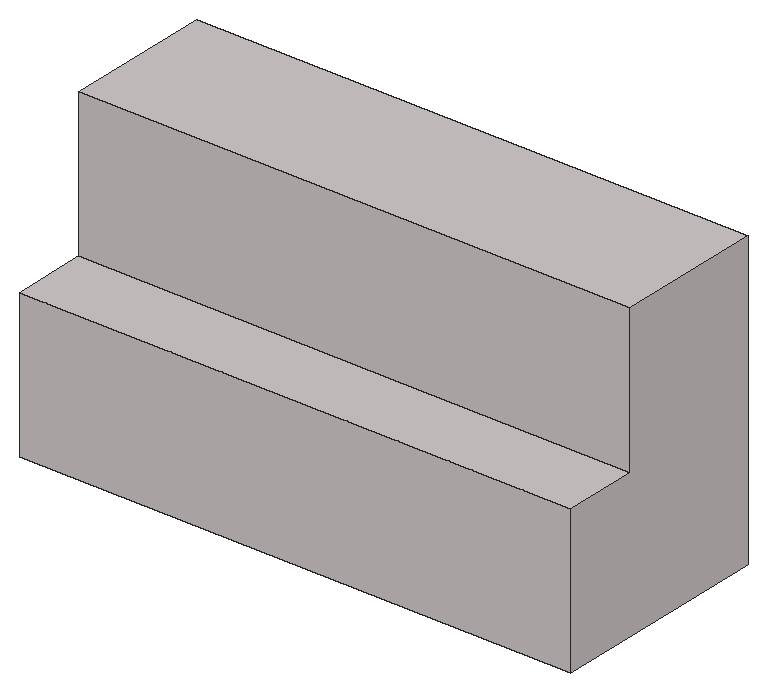
Revit family "M_Viga em L pré-moldada", category Quadro estrutural, Revit 2019
Family settings
  Exibir em vistas ocultas = Arestas ocultadas por outros membros
  Arredondamento do comprimento do framing estrutural = 0 mm
  Forma do corte = Não definido
  Material para o comportamento do modelo = Concreto pré-moldado
  Exportar sempre como geometria = Não
  Número OmniClass = 23.25.30.11.14.14
  Título OmniClass = Beams
  ID de item do Seek = Precast-L Shaped Beam-0000-CAN-ENU
  Sempre na vertical = Sim
  Corte com vazios quando carregada = Não
  Representação simbólica = Da família
  Compartilhado = Não
  Exibir o pré-corte da família na vista da planta = Sim
Parameters (values of type "450 LB 600")
  Structural Material [instance] = Concreto - Concreto pré-moldado - 35 MPa
  Assento = 150 mm
  Assembly Code = ""
  Length [instance] = 1524 mm
  b = 450 mm
  h = 600 mm
  h1 = 300 mm
Types (4, lengths in mm): name | h | h1
  (no name) | 600 | 300
  450 LB 500 | 500 | 300
  450 LB 600 | 600 | 300
  450 LB 1200 | 1200 | 800
Reference planes
  plane 1 "Centro (Frente/Trás)": y = 0
  plane 2: z = 0
  plane 3 "Centro (Esquerda/Direita)": x = 4.61
  plane 4 "Membro esquerdo": x = -557.39
  plane 5 "Membro direito": x = 566.61
  plane 6: y = 225
  plane 7: y = -225
  plane 8: z = 300
  plane 9 "Inferior": z = -300
  plane 10 "Esquerda": x = -757.39
  plane 11 "Direita": x = 766.61
Forms (mm)
  Sweep 1, solid, material "Concreto - Concreto pré-moldado - 35 MPa" <- "Structural Material"
    path origin (0, 0, 0) x (1, 0, 0) y (0, 1, 0)
      loop
        line (566.61, 0) -> (-557.39, 0)
    profile "M_Forma L-Perfil : M_Forma L-Perfil" origin (4.61, 0, 0) x (0, -1, 0) y (0, 0, 1)
      loop
        line (225, -300) -> (225, 0) -> (75, 0) -> (75, 300) -> (-225, 300) -> (-225, -300) -> (225, -300)
Dimensions and locks
  "b": plane 6 to plane 7
  equal spacing: plane 9 "Inferior", plane 2, plane 8
  equal spacing: plane 6, plane 1 "Centro (Frente/Trás)", plane 7
  "h": plane 9 "Inferior" to plane 8
  "Length": plane 10 "Esquerda" to plane 11 "Direita"
  aligned and locked: Sweep 1 sketch curve to plane 1 "Centro (Frente/Trás)"
  aligned and locked: plane 4 "Membro esquerdo" to Sweep 1 sketch curve
  aligned and locked: plane 5 "Membro direito" to Sweep 1 sketch curve
